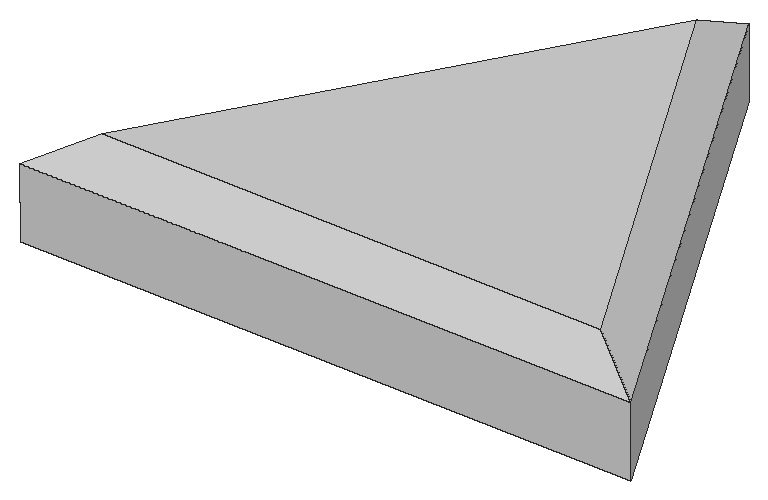
Revit family "SMALL (6) EQUILATERAL TRIANGLE", category Specialty Equipment, Revit 2023
Family settings
  Round Connector Dimension = Use Diameter
  Part Type = Normal
  OmniClass Number = 23.35.00.00
  OmniClass Title = Covering, Cladding, and Finishes
  Work Plane-Based = Yes
  Enable Cutting in Views = Yes
  Always vertical = No
  Cut with Voids When Loaded = No
  Maintain Annotation Orientation = No
  Shared = No
  Room Calculation Point = No
Parameters (values of type "1-3/8 inch thick Primed White")
  URL = "https://www.acousticalsurfaces.com/envirocoustic-wood-wool/shapes/"
  Type Comments = "Acoustic Panels"
  Thickness = 0' - 1 3/8"
  Recycled Content Percentage = "0%"
  Model = "Envirocoustic Wood Wool"
  Material = "Envirocoustic Wood Wool"
  Manufacturer = "Acoustical Surfaces, Inc."
  Fire Rating = "ASTM E84 - Class A"
  Finish = Paint - Acoustical-Surfaces - Primed White
  Description = "Acoustic Panels"
  Default Elevation = 0' - 0"
  Assembly Code = "C30"
  Acoustics - NRC = "Sound absorption varies from NRC 0.45 to 0.95 based on installation method used when tested per ASTM C423."
Types (9): name | Thickness | Finish
  1-3/8 inch thick Primed White | 0' - 1 3/8" | Paint - Acoustical-Surfaces - Primed White
  1-3/8 inch thick Primed Clear | 0' - 1 3/8" | Paint - Acoustical-Surfaces - Primed Clear
  1-3/8 inch thick Custom Painted | 0' - 1 3/8" | Paint - Acoustical-Surfaces - Custom Painted
  2 inch thick Primed White | 0' - 2" | Paint - Acoustical-Surfaces - Primed White
  2 inch thick Primed Clear | 0' - 2" | Paint - Acoustical-Surfaces - Primed Clear
  2 inch thick Custom Painted | 0' - 2" | Paint - Acoustical-Surfaces - Custom Painted
  1 inch thick Primed White | 0' - 1" | Paint - Acoustical-Surfaces - Primed White
  1 inch thick Primed Clear | 0' - 1" | Paint - Acoustical-Surfaces - Primed Clear
  1 inch thick Custom Painted | 0' - 1" | Paint - Acoustical-Surfaces - Custom Painted
Reference planes (in)
  plane 1 "Center (Front/Back)": y = 0
  plane 2: z = 0
  plane 3 "Center (Left/Right)": x = 0
  plane 4: z = 1.375
  plane 5: z = -1
  plane 6: x = -3
  plane 7: x = 3
Forms (in)
  Extrusion 1, solid, material "Paint - Acoustical-Surfaces - Primed White" <- "Finish"
    sketch origin (2.75421, -1.46603, 0) x (-1, 0, 0) y (0, -1, 0)
      loop
        line (5.75421, -1.46603) -> (-0.24579, -1.46603) -> (2.75421, -6.66219) -> (5.75421, -1.46603)
    from 0 to 1
  Sweep 2, void
    path in 3D
      loop
        line (0, 5.19615, 1) -> (-3, 0, 1) -> (3, 0, 1) -> (0, 5.19615, 1)
    profile "Triangle : Family2" origin (1.5, 2.59808, 1) x (-0.866025, -0.5, 0) y (0, 0, 1)
      loop
        line (0, 0) -> (0, -0.315) -> (0.315, 0) -> (0, 0)
Cuts and joins
  Sweep 2 cuts Extrusion 1
Lines and regions (in)
  sketch lines
    curve 1: line (3, 0, 1) -> (0, 5.19615, 1)
    curve 2: line (0, 5.19615, 1) -> (-3, 0, 1)
    curve 3: line (-3, 0, 1) -> (3, 0, 1)
Dimensions and locks (in)
  "Thickness": plane 4 to level
  level to plane 5 = 0' - 1"
  aligned and locked: level to plane 2
Automatic sketch dimensions
  plane 1 "Center (Front/Back)" to Extrusion 1 sketch curve = 0' - 0"
  Extrusion 1 sketch curve to plane 3 "Center (Left/Right)" = 0' - 0"
  plane 3 "Center (Left/Right)" to Extrusion 1 sketch curve = 0' - 3"
  Extrusion 1 sketch curve to plane 3 "Center (Left/Right)" = 0' - 3"
  plane 1 "Center (Front/Back)" to Extrusion 1 sketch curve = 0' - 5.19615"
